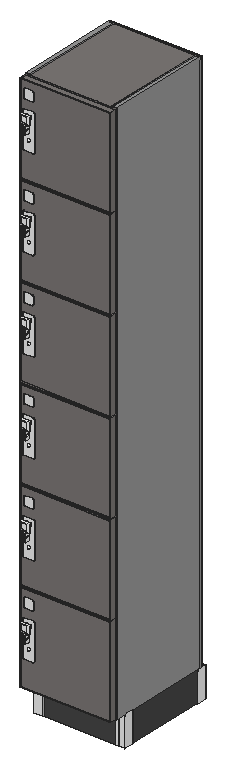
Revit family "Wood_Lockers_Hasps-Salsbury_Industries-46000_Series-1_Wide_Units.rfa", category Specialty Equipment, Revit 2016
Family settings
  Part Type = Normal
  Round Connector Dimension = Use Diameter
  OmniClass Number = 23.40.00.00
  OmniClass Title = Equipment and Furnishings
  Work Plane-Based = No
  Always vertical = Yes
  Cut with Voids When Loaded = No
  Shared = No
  Room Calculation Point = No
Parameters (values of type "46165")
  Width = 12.000"
  Version = "1.0 (01/31/24)"
  Unit Height including Sloping Hood Only [instance] = 77.743"
  Unit Height including Base Only [instance] = 76.000"
  URL = "www.lockers.com"
  Type Comments = "Premier Wood Lockers - Box Style - Six Tier - with Hasps"
  Total Doors Height [instance] = if(Unit Height = 72.000", 71.750", if(Unit Height = 60.000", 59.750", 0.000"))  # 71.750"
  Sloping Top Corner Filler - Right Side [instance] = Wood Locker Sloping Corner Fillers : None
  Sloping Top Corner Filler - Left Side [instance] = Wood Locker Sloping Corner Fillers : None
  Sloping In-Line Filler - Right Side [instance] = Wood Locker Sloping In-Line Fillers : None
  Sloping In-Line Filler - Left Side [instance] = Wood Locker Sloping In-Line Fillers : None
  Sloping Hood Height = if(Depth = 15.000", 5.743", if(Depth = 18.000", 6.868", if(Depth = 21.000", 7.993", if(Depth = 24.000", 9.118", 0.000"))))  # 5.743"
  Sloping Hood [instance] = Wood Locker Sloping Hoods : None
  Side Panel without Slope - Right Side [instance] = Wood Locker Side Panels-No Slope : None
  Side Panel without Slope - Left Side [instance] = Wood Locker Side Panels-No Slope : None
  Side Panel with Slope - Right Side [instance] = Wood Locker Side Panels-With Slope : None
  Side Panel with Slope - Left Side [instance] = Wood Locker Side Panels-With Slope : None
  Secondary Structure Materials = Particle Board Industrial Grade - Salsbury Finish - Black Melamine Overlay
  Primary Structure Materials = Particle Board Industrial Grade - Salsbury Finish - Plain
  Overall Unit Height including Base and Sloping Hood [instance] = 81.743"
  OmniClass 23 Title = "Equipment and Furnishings"
  OmniClass 23 Number = "23.40.00.00"
  Model = "46165"
  MasterFormat Title = "Lockers"
  MasterFormat Code = "10 51 23"
  Manufacturer = "Salsbury Industries"
  Laminate Surface [instance] = Industrial Grade Particleboard with Wood Laminate - Salsbury Finish - Skyline Walnut
  Interior Material = Textured Melamine - Salsbury Finish - White
  Individual Door Width [instance] = 11.875"
  Unit Height = 72.000"
  Individual Door Height = if(Unit Height = 72.000", 11.802", if(Unit Height = 60.000", 11.802", 0.000"))  # 11.802"
  Hardware = Aluminum - Salsbury Finish - Black Satin
  Front Vertical Filler - Right Side [instance] = Wood Locker Front Fillers : None
  Front Vertical Filler - Left Side [instance] = Wood Locker Front Fillers : None
  Front Corner Filler - Right Side [instance] = Wood Locker Front Corner Filler : None
  Front Corner Filler - Left Side [instance] = Wood Locker Front Corner Filler : None
  Flat Top In-Line Filler - Right Side [instance] = Wood Locker Flat In-Line Fillers : None
  Flat Top In-Line Filler - Left Side [instance] = Wood Locker Flat In-Line Fillers : None
  Flat Top Corner Filler - Right Side [instance] = Wood Locker Flat Corner Fillers : None
  Flat Top Corner Filler - Left Side [instance] = Wood Locker Flat Corner Fillers : None
  Fascia Filler [instance] = Wood Locker Fascia Fillers : None
  Double Side Panel without Slope - Right Side [instance] = Wood Locker Double Side Panels-No Slope : None
  Double Side Panel without Slope - Left Side [instance] = Wood Locker Double Side Panels-No Slope : None
  Double Side Panel with Slope - Right Side [instance] = Wood Locker Double Side Panels-With Slope : None
  Double Side Panel with Slope - Left Side [instance] = Wood Locker Double Side Panels-With Slope : None
  Door Location D1 = Premier Locker Doors_Hasp : Six Tier Door for Six Foot High Locker
  Description = "1 Wide - 6 Feet High - 15 inches Deep - with Base"
  Depth = 15.000"
  Compartment Width [instance] = 10.750"
  Compartment Height [instance] = if(Unit Height = 72.000", 11.125", if(Unit Height = 60.000", 11.100", 0.000"))  # 11.125"
  Compartment Depth [instance] = 13.750"
  Base Material = Particle Board Industrial Grade - Salsbury Finish - Black Melamine Overlay
  Base Height = 4.000"
  Base Depth [instance] = 13.250"
  Base = Wood Locker Bases : Base - 12" W x 15" D Lockers
  Assembly Code = "C1030310"
Reference planes (in)
  plane 1 "Center (Front/Back)": y = 0
  plane 2: z = 0
  plane 3 "Center (Left/Right)": x = 0
  plane 4 "Right Side of Unit": x = 6
  plane 5 "Left Side of Unit": x = -6
  plane 6 "Back of Unit": y = 7.5
  plane 7 "Front of Unit": y = -7.5
  plane 8 "Bottom of Base": z = 0
  plane 9 "Top Edge of Unit": z = 76
  plane 10 "Top of Base Edge": z = 4
  plane 11: z = 81.743
  plane 12 "Right Compartment Edge": x = 5.406
  plane 13 "Left Compartment Edge": x = -5.406
  plane 14 "Front Melamine Edge": y = -6.5
  plane 15 "Back Compartment Edge": y = 7.281
  plane 16 "Front Compartment Edge": y = -6.469
  plane 17 "Front Edge of Base": y = -5.125
  plane 18 "Bottom Edge of Door": z = 4.125
  plane 19 "Top Edge of Door": z = 75.875
  plane 20 "Bottom Compartment Edge": z = 4.75
  plane 21 "Top Compartment Edge": z = 75.25
  plane 22 "Center Top and Bottom": z = 40
  plane 23 "Left Melamine Edge": x = -5.375
  plane 24 "Right Melamine Edge": x = 5.375
  plane 25 "Back Melamine Edge": y = 7.25
  plane 26 "Left Edge of Door": x = -5.875
  plane 27: y = 8.125
  plane 28: y = -5.75
  plane 29 "Base / Ventillation Alignment": y = 8.125
  plane 30 "Compartment Shelf 5": z = 16.625
  plane 31: z = 15.875
  plane 32: z = 15.927
  plane 33: z = 16.115
  plane 34: z = 27.75
  plane 35 "Compartment Shelf 4": z = 28.5
  plane 36: z = 27.917
  plane 37: z = 28.105
  plane 38: z = 39.625
  plane 39 "Compartment Shelf 3": z = 40.375
  plane 40: z = 39.907
  plane 41: z = 40.095
  plane 42 "Compartment Shelf 2": z = 52.25
  plane 43: z = 51.5
  plane 44: z = 51.897
  plane 45: z = 52.085
  plane 46: z = 63.375
  plane 47 "Compartment Shelf 1": z = 64.125
  plane 48: z = 63.887
  plane 49: z = 64.075
Forms (in)
  Extrusion 1, solid, material "Particle Board Industrial Grade - Salsbury Finish - Plain" <- "Primary Structure Materials"
    sketch origin (6, 0, 0) x (0, -1, 0) y (0, 0, 1)
      loop
        line (6.469, 76) -> (-7.25, 76) -> (-7.25, 4) -> (6.469, 4) -> (6.469, 76)
    from 0 to 0.594
  Extrusion 2, solid, material "Particle Board Industrial Grade - Salsbury Finish - Plain" <- "Primary Structure Materials"
    sketch origin (-6, 0, 0) x (0, -1, 0) y (0, 0, 1)
      loop
        line (-7.25, 76) -> (-7.25, 4) -> (6.469, 4) -> (6.469, 76) -> (-7.25, 76)
    from 0 to -0.594
  Extrusion 3, solid, material "Textured Melamine - Salsbury Finish - White" <- "Interior Material"
    sketch origin (0, 0, 4) x (0, -1, 0) y (1, 0, 0)
      loop
        line (-7.25, -5.375) -> (6.469, -5.375) -> (6.469, 5.375) -> (-7.25, 5.375) -> (-7.25, -5.375)
    from 0 to 0.75
  Extrusion 4, solid, material "Industrial Grade Particleboard with Wood Laminate - Salsbury Finish - Skyline Walnut" <- "Laminate Surface"
    sketch origin (0.375, 0.375, 76) x (1, 0, 0) y (0, 1, 0)
      loop
        line (-5.75, -6.875) -> (5, -6.875) -> (5, 6.875) -> (-5.75, 6.875) -> (-5.75, -6.875)
    from 0 to -0.75
  Extrusion 5, solid, material "Particle Board Industrial Grade - Salsbury Finish - Plain" <- "Primary Structure Materials"
    sketch origin (0, 7.5, 0) x (1, 0, 0) y (0, 0, 1)
      loop
        line (-6, 76) -> (-6, 4) -> (6, 4) -> (6, 76) -> (-6, 76)
    from 0 to 0.219
  Extrusion 6, solid, material "Industrial Grade Particleboard with Wood Laminate - Salsbury Finish - Skyline Walnut" <- "Laminate Surface"
    sketch origin (0, -6.469, 0) x (1, 0, 0) y (0, 0, 1)
      loop
        line (-6, 76) -> (-6, 4) -> (-5.375, 4) -> (-5.375, 76) -> (-6, 76)
    from 0 to 0.031
  Extrusion 7, solid, material "Industrial Grade Particleboard with Wood Laminate - Salsbury Finish - Skyline Walnut" <- "Laminate Surface"
    sketch origin (0, -6.469, 0) x (-1, 0, 0) y (0, 0, -1)
      loop
        line (-6, -76) -> (-5.375, -76) -> (-5.375, -4) -> (-6, -4) -> (-6, -76)
    from 0 to 0.031
  Extrusion 8, solid, material "Textured Melamine - Salsbury Finish - White" <- "Interior Material"
    sketch origin (0, 7.25, 0) x (1, 0, 0) y (0, 0, 1)
      loop
        line (-6, 76) -> (-6, 4) -> (6, 4) -> (6, 76) -> (-6, 76)
    from -0.031 to 0
  Extrusion 9, solid, material "Textured Melamine - Salsbury Finish - White" <- "Interior Material"
    sketch origin (-5.406, 0, 0) x (0, -1, 0) y (0, 0, 1)
      loop
        line (-7.25, 76) -> (-7.25, 4) -> (6.469, 4) -> (6.469, 76) -> (-7.25, 76)
    from 0 to -0.031
  Extrusion 10, solid, material "Textured Melamine - Salsbury Finish - White" <- "Interior Material"
    sketch origin (5.406, 0, 0) x (0, -1, 0) y (0, 0, 1)
      loop
        line (6.469, 76) -> (-7.25, 76) -> (-7.25, 4) -> (6.469, 4) -> (6.469, 76)
    from 0 to 0.031
  Extrusion 11, solid, material "Textured Melamine - Salsbury Finish - White" <- "Interior Material", detail levels fine
    sketch origin (0, 0, 16.625) x (0, -1, 0) y (1, 0, 0)
      loop
        line (-7.25, -5.375) -> (6.469, -5.375) -> (6.469, 5.375) -> (-7.25, 5.375) -> (-7.25, -5.375)
    from 0 to -0.75
  Extrusion 12, solid, material "Textured Melamine - Salsbury Finish - White" <- "Interior Material", detail levels fine
    sketch origin (0, 0, 28.5) x (0, -1, 0) y (1, 0, 0)
      loop
        line (-7.25, -5.375) -> (6.469, -5.375) -> (6.469, 5.375) -> (-7.25, 5.375) -> (-7.25, -5.375)
    from 0 to -0.75
  Extrusion 13, solid, material "Textured Melamine - Salsbury Finish - White" <- "Interior Material", detail levels fine
    sketch origin (0, 0, 40.375) x (0, -1, 0) y (1, 0, 0)
      loop
        line (-7.25, -5.375) -> (6.469, -5.375) -> (6.469, 5.375) -> (-7.25, 5.375) -> (-7.25, -5.375)
    from 0 to -0.75
  Extrusion 14, solid, material "Textured Melamine - Salsbury Finish - White" <- "Interior Material", detail levels fine
    sketch origin (0, 0, 52.25) x (0, -1, 0) y (1, 0, 0)
      loop
        line (-7.25, -5.375) -> (6.469, -5.375) -> (6.469, 5.375) -> (-7.25, 5.375) -> (-7.25, -5.375)
    from 0 to -0.75
  Extrusion 15, solid, material "Textured Melamine - Salsbury Finish - White" <- "Interior Material", detail levels fine
    sketch origin (0, 0, 64.125) x (0, -1, 0) y (1, 0, 0)
      loop
        line (-7.25, -5.375) -> (6.469, -5.375) -> (6.469, 5.375) -> (-7.25, 5.375) -> (-7.25, -5.375)
    from 0 to -0.75
  Extrusion 16, solid, material "Industrial Grade Particleboard with Wood Laminate - Salsbury Finish - Skyline Walnut" <- "Laminate Surface"
    sketch origin (0, -6.5, 0) x (1, 0, 0) y (0, 0, 1)
      loop
        line (-5.375, 64.125) -> (-5.375, 63.375) -> (5.375, 63.375) -> (5.375, 64.125) -> (-5.375, 64.125)
    from 0 to -0.031
  Extrusion 17, solid, material "Industrial Grade Particleboard with Wood Laminate - Salsbury Finish - Skyline Walnut" <- "Laminate Surface"
    sketch origin (0, -6.5, 0) x (1, 0, 0) y (0, 0, 1)
      loop
        line (-5.375, 52.25) -> (-5.375, 51.5) -> (5.375, 51.5) -> (5.375, 52.25) -> (-5.375, 52.25)
    from 0 to -0.031
  Extrusion 18, solid, material "Industrial Grade Particleboard with Wood Laminate - Salsbury Finish - Skyline Walnut" <- "Laminate Surface"
    sketch origin (0, -6.5, 0) x (1, 0, 0) y (0, 0, 1)
      loop
        line (-5.375, 40.375) -> (-5.375, 39.625) -> (5.375, 39.625) -> (5.375, 40.375) -> (-5.375, 40.375)
    from 0 to -0.031
  Extrusion 19, solid, material "Industrial Grade Particleboard with Wood Laminate - Salsbury Finish - Skyline Walnut" <- "Laminate Surface"
    sketch origin (0, -6.5, 0) x (1, 0, 0) y (0, 0, 1)
      loop
        line (-5.375, 28.5) -> (-5.375, 27.75) -> (5.375, 27.75) -> (5.375, 28.5) -> (-5.375, 28.5)
    from 0 to -0.031
  Extrusion 20, solid, material "Industrial Grade Particleboard with Wood Laminate - Salsbury Finish - Skyline Walnut" <- "Laminate Surface"
    sketch origin (0, -6.5, 0) x (1, 0, 0) y (0, 0, 1)
      loop
        line (-5.375, 16.625) -> (-5.375, 15.875) -> (5.375, 15.875) -> (5.375, 16.625) -> (-5.375, 16.625)
    from 0 to -0.031
  Extrusion 21, solid, material "Industrial Grade Particleboard with Wood Laminate - Salsbury Finish - Skyline Walnut" <- "Laminate Surface"
    sketch origin (0, -6.5, 0) x (1, 0, 0) y (0, 0, 1)
      loop
        line (-5.375, 4.75) -> (-5.375, 4) -> (5.375, 4) -> (5.375, 4.75) -> (-5.375, 4.75)
    from 0 to -0.031
Lines and regions (in)
  symbolic lines
    curve 1: line (-6, 7.25, 76) -> (6.00006, 7.25, 76)
    curve 2: line (-6, 7.25, 0) -> (-6, 7.25, 76)
    curve 3: line (6.00006, 7.25, 76) -> (6.00006, 7.25, 0)
    curve 4: line (5.406, -6.5, 76) -> (5.406, 8.125, 76)
    curve 5: line (5.406, -6.5, 0) -> (5.406, -6.5, 76)
    curve 6: line (5.406, 8.125, 76) -> (5.406, 8.125, 0)
    curve 7: line (6.00006, 7.25, 0) -> (-6, 7.25, 0)
    curve 8: line (5.406, -5.125, 0) -> (5.406, 8.125, 0)
    curve 9: line (5.406, 8.125, 0) -> (5.406, -5.125, 0)
    curve 10: line (5.406, -6.5, 0) -> (5.406, 8.125, 0)
    curve 11: line (-6, 8.125, 0) -> (6, 8.125, 0)
    curve 12: line (-6, -6.5, 0) -> (-6, 8.125, 0)
    curve 13: line (6, -6.5, 0) -> (-6, -6.5, 0)
    curve 14: line (6, 8.125, 0) -> (6, -6.5, 0)
Dimensions and locks (in)
  equal spacing: plane 5 "Left Side of Unit", plane 3 "Center (Left/Right)", plane 4 "Right Side of Unit"
  "Width": plane 5 "Left Side of Unit" to plane 4 "Right Side of Unit"
  equal spacing: plane 7 "Front of Unit", plane 1 "Center (Front/Back)", plane 6 "Back of Unit"
  "Depth": plane 7 "Front of Unit" to plane 6 "Back of Unit"
  "Base Height": plane 10 "Top of Base Edge" to plane 8 "Bottom of Base"
  "Unit Height": plane 9 "Top Edge of Unit" to plane 10 "Top of Base Edge"
  "Sloping Hood Height": plane 11 to plane 9 "Top Edge of Unit"
  locked: plane 12 "Right Compartment Edge" to plane 4 "Right Side of Unit" at 0.594
  locked: plane 5 "Left Side of Unit" to plane 13 "Left Compartment Edge" at 0.594
  locked: plane 7 "Front of Unit" to plane 14 "Front Melamine Edge" at 1
  locked: plane 15 "Back Compartment Edge" to plane 6 "Back of Unit" at 0.219
  locked: plane 14 "Front Melamine Edge" to plane 16 "Front Compartment Edge" at 0.031
  plane 18 "Bottom Edge of Door" to plane 10 "Top of Base Edge" = 0.125"
  plane 9 "Top Edge of Unit" to plane 19 "Top Edge of Door" = 0.125"
  plane 20 "Bottom Compartment Edge" to plane 10 "Top of Base Edge" = 0.750"
  plane 9 "Top Edge of Unit" to plane 21 "Top Compartment Edge" = 0.750"
  equal spacing: plane 9 "Top Edge of Unit", plane 22 "Center Top and Bottom", plane 10 "Top of Base Edge"
  locked: plane 24 "Right Melamine Edge" to plane 12 "Right Compartment Edge" at 0.031
  locked: plane 13 "Left Compartment Edge" to plane 23 "Left Melamine Edge" at 0.031
  locked: plane 25 "Back Melamine Edge" to plane 15 "Back Compartment Edge" at 0.031
  locked: plane 5 "Left Side of Unit" to plane 26 "Left Edge of Door" at 0.125
  "Individual Door Width": plane 26 "Left Edge of Door" to plane 4 "Right Side of Unit"
  "Total Doors Height": plane 19 "Top Edge of Door" to plane 18 "Bottom Edge of Door"
  "Unit Height including Base Only": plane 9 "Top Edge of Unit" to plane 8 "Bottom of Base"
  "Unit Height including Sloping Hood Only": plane 11 to plane 10 "Top of Base Edge"
  "Overall Unit Height including Base and Sloping Hood": plane 11 to plane 8 "Bottom of Base"
  locked: plane 7 "Front of Unit" to plane 17 "Front Edge of Base" at 2.375
  locked: plane 6 "Back of Unit" to plane 27 at 0.625
  "Base Depth": plane 17 "Front Edge of Base" to plane 27
  "Compartment Width": plane 23 "Left Melamine Edge" to plane 24 "Right Melamine Edge"
  "Compartment Height": plane 31 to plane 20 "Bottom Compartment Edge"
  "Compartment Depth": plane 14 "Front Melamine Edge" to plane 25 "Back Melamine Edge"
  locked: plane 14 "Front Melamine Edge" to plane 28 at 0.75
  plane 14 "Front Melamine Edge" to plane 27 = 14.625"
  Extrusion 2 to Extrusion 9 = 13.719"
  plane 6 "Back of Unit" to plane 29 "Base / Ventillation Alignment" = 0.625"
  locked: plane 30 "Compartment Shelf 5" to plane 31 at 0.75
  locked: plane 33 to plane 32 at 0.188
  "Individual Door Height": plane 32 to plane 18 "Bottom Edge of Door"
  locked: plane 35 "Compartment Shelf 4" to plane 34 at 0.75
  locked: plane 37 to plane 36 at 0.188
  "Compartment Height": plane 34 to plane 30 "Compartment Shelf 5"
  "Individual Door Height": plane 36 to plane 33
  locked: plane 39 "Compartment Shelf 3" to plane 38 at 0.75
  locked: plane 41 to plane 40 at 0.188
  "Compartment Height": plane 38 to plane 35 "Compartment Shelf 4"
  "Individual Door Height": plane 40 to plane 37
  locked: plane 49 to plane 48 at 0.188
  locked: plane 47 "Compartment Shelf 1" to plane 46 at 0.75
  locked: plane 42 "Compartment Shelf 2" to plane 43 at 0.75
  locked: plane 45 to plane 44 at 0.188
  "Compartment Height": plane 43 to plane 39 "Compartment Shelf 3"
  "Compartment Height": plane 46 to plane 42 "Compartment Shelf 2"
  "Individual Door Height": plane 44 to plane 41
  "Individual Door Height": plane 48 to plane 45
  nested 6 to plane 20 "Bottom Compartment Edge" = 70.500"
  aligned and locked: level to plane 2
  aligned and locked: plane 15 "Back Compartment Edge" to Extrusion 5
  aligned and locked: plane 4 "Right Side of Unit" to nested 1
  aligned and locked: plane 18 "Bottom Edge of Door" to nested 1
  aligned and locked: plane 7 "Front of Unit" to nested 1
  aligned and locked: plane 9 "Top Edge of Unit" to nested 2
  aligned and locked: plane 14 "Front Melamine Edge" to nested 2
  aligned and locked: plane 5 "Left Side of Unit" to nested 3
  aligned and locked: plane 14 "Front Melamine Edge" to nested 3
  aligned and locked: plane 9 "Top Edge of Unit" to nested 3
  aligned and locked: plane 4 "Right Side of Unit" to nested 4
  aligned and locked: nested 4 to plane 9 "Top Edge of Unit"
  aligned and locked: nested 4 to plane 14 "Front Melamine Edge"
  aligned and locked: plane 9 "Top Edge of Unit" to nested 5
  aligned and locked: plane 28 to nested 5
  aligned and locked: nested 6 to plane 28
  aligned and locked: plane 5 "Left Side of Unit" to nested 6
  aligned and locked: plane 4 "Right Side of Unit" to nested 5
  aligned and locked: nested 6 to plane 9 "Top Edge of Unit"
  aligned and locked: nested 8 to plane 5 "Left Side of Unit"
  aligned and locked: nested 7 to plane 4 "Right Side of Unit"
  aligned and locked: plane 14 "Front Melamine Edge" to nested 7
  aligned and locked: nested 8 to plane 14 "Front Melamine Edge"
  aligned and locked: plane 10 "Top of Base Edge" to nested 7
  aligned and locked: nested 8 to plane 10 "Top of Base Edge"
  aligned and locked: plane 5 "Left Side of Unit" to nested 9
  aligned and locked: plane 4 "Right Side of Unit" to nested 10
  aligned and locked: nested 10 to plane 10 "Top of Base Edge"
  aligned and locked: plane 10 "Top of Base Edge" to nested 9
  aligned and locked: plane 16 "Front Compartment Edge" to nested 10
  aligned and locked: nested 9 to plane 14 "Front Melamine Edge"
  aligned and locked: plane 4 "Right Side of Unit" to nested 11
  aligned and locked: nested 11 to plane 10 "Top of Base Edge"
  aligned and locked: plane 14 "Front Melamine Edge" to nested 11
  aligned and locked: plane 14 "Front Melamine Edge" to nested 12
  aligned and locked: nested 12 to nested 4
  aligned and locked: plane 10 "Top of Base Edge" to nested 12
  aligned and locked: nested 13 to plane 5 "Left Side of Unit"
  aligned and locked: nested 13 to plane 14 "Front Melamine Edge"
  aligned and locked: nested 13 to plane 10 "Top of Base Edge"
  aligned and locked: plane 14 "Front Melamine Edge" to nested 14
  aligned and locked: nested 14 to plane 4 "Right Side of Unit"
  aligned and locked: nested 15 to plane 14 "Front Melamine Edge"
  aligned and locked: nested 15 to plane 5 "Left Side of Unit"
  aligned and locked: plane 10 "Top of Base Edge" to nested 14
  aligned and locked: nested 15 to plane 10 "Top of Base Edge"
  aligned and locked: plane 14 "Front Melamine Edge" to nested 16
  aligned and locked: plane 4 "Right Side of Unit" to nested 16
  aligned and locked: nested 17 to plane 14 "Front Melamine Edge"
  aligned and locked: plane 5 "Left Side of Unit" to nested 17
  aligned and locked: nested 16 to plane 8 "Bottom of Base"
  aligned and locked: nested 17 to plane 8 "Bottom of Base"
  aligned and locked: nested 18 to plane 5 "Left Side of Unit"
  aligned and locked: nested 19 to plane 4 "Right Side of Unit"
  aligned and locked: nested 19 to plane 14 "Front Melamine Edge"
  aligned and locked: plane 14 "Front Melamine Edge" to nested 18
  aligned and locked: plane 8 "Bottom of Base" to nested 19
  aligned and locked: nested 18 to plane 8 "Bottom of Base"
  aligned and locked: plane 17 "Front Edge of Base" to nested 20
  aligned and locked: plane 9 "Top Edge of Unit" to nested 21
  aligned and locked: plane 5 "Left Side of Unit" to nested 21
  aligned and locked: nested 22 to plane 9 "Top Edge of Unit"
  aligned and locked: plane 4 "Right Side of Unit" to nested 22
  aligned and locked: nested 22 to plane 14 "Front Melamine Edge"
  aligned and locked: nested 21 to plane 14 "Front Melamine Edge"
  aligned and locked: nested 24 to plane 9 "Top Edge of Unit"
  aligned and locked: plane 4 "Right Side of Unit" to nested 24
  aligned and locked: nested 23 to plane 9 "Top Edge of Unit"
  aligned and locked: plane 5 "Left Side of Unit" to nested 23
  aligned and locked: nested 24 to plane 28
  aligned and locked: nested 23 to plane 28
  aligned and locked: plane 14 "Front Melamine Edge" to nested 25
  aligned and locked: plane 9 "Top Edge of Unit" to nested 25
  aligned and locked: plane 8 "Bottom of Base" to nested 20
  aligned and locked: plane 3 "Center (Left/Right)" to nested 20
  aligned and locked: plane 25 "Back Melamine Edge" to Extrusion 3 sketch curve
  aligned and locked: Extrusion 3 sketch curve to plane 23 "Left Melamine Edge"
  aligned and locked: plane 24 "Right Melamine Edge" to Extrusion 3 sketch curve
  aligned and locked: Extrusion 4 to plane 9 "Top Edge of Unit"
  aligned and locked: plane 21 "Top Compartment Edge" to Extrusion 4
  aligned and locked: Extrusion 2 sketch curve to plane 9 "Top Edge of Unit"
  aligned and locked: plane 16 "Front Compartment Edge" to Extrusion 2 sketch curve
  aligned and locked: Extrusion 2 sketch curve to plane 25 "Back Melamine Edge"
  aligned and locked: plane 10 "Top of Base Edge" to Extrusion 2 sketch curve
  aligned and locked: Extrusion 2 to plane 13 "Left Compartment Edge"
  aligned and locked: plane 5 "Left Side of Unit" to Extrusion 2
  aligned and locked: plane 10 "Top of Base Edge" to Extrusion 9 sketch curve
  aligned and locked: Extrusion 9 sketch curve to plane 25 "Back Melamine Edge"
  aligned and locked: Extrusion 9 sketch curve to plane 9 "Top Edge of Unit"
  aligned and locked: Extrusion 1 sketch curve to plane 16 "Front Compartment Edge"
  aligned and locked: plane 9 "Top Edge of Unit" to Extrusion 1 sketch curve
  aligned and locked: Extrusion 1 sketch curve to plane 10 "Top of Base Edge"
  aligned and locked: plane 25 "Back Melamine Edge" to Extrusion 1 sketch curve
  aligned and locked: Extrusion 1 to plane 4 "Right Side of Unit"
  aligned and locked: plane 12 "Right Compartment Edge" to Extrusion 1
  aligned and locked: Extrusion 10 sketch curve to plane 10 "Top of Base Edge"
  aligned and locked: plane 25 "Back Melamine Edge" to Extrusion 10 sketch curve
  aligned and locked: Extrusion 10 sketch curve to plane 16 "Front Compartment Edge"
  aligned and locked: plane 9 "Top Edge of Unit" to Extrusion 10 sketch curve
  aligned and locked: Extrusion 10 to plane 12 "Right Compartment Edge"
  aligned and locked: plane 24 "Right Melamine Edge" to Extrusion 10
  aligned and locked: Extrusion 8 sketch curve to plane 10 "Top of Base Edge"
  aligned and locked: plane 4 "Right Side of Unit" to Extrusion 8 sketch curve
  aligned and locked: plane 9 "Top Edge of Unit" to Extrusion 8 sketch curve
  aligned and locked: Extrusion 8 sketch curve to plane 5 "Left Side of Unit"
  aligned and locked: Extrusion 8 to plane 15 "Back Compartment Edge"
  aligned and locked: plane 25 "Back Melamine Edge" to Extrusion 8
  aligned and locked: plane 9 "Top Edge of Unit" to Extrusion 5 sketch curve
  aligned and locked: Extrusion 5 sketch curve to plane 5 "Left Side of Unit"
  aligned and locked: Extrusion 5 sketch curve to plane 10 "Top of Base Edge"
  aligned and locked: plane 4 "Right Side of Unit" to Extrusion 5 sketch curve
  aligned and locked: Extrusion 7 sketch curve to plane 9 "Top Edge of Unit"
  aligned and locked: Extrusion 7 sketch curve to plane 4 "Right Side of Unit"
  aligned and locked: plane 24 "Right Melamine Edge" to Extrusion 7 sketch curve
  aligned and locked: plane 10 "Top of Base Edge" to Extrusion 7 sketch curve
  aligned and locked: Extrusion 7 to plane 16 "Front Compartment Edge"
  aligned and locked: plane 14 "Front Melamine Edge" to Extrusion 7
  aligned and locked: Extrusion 6 sketch curve to plane 10 "Top of Base Edge"
  aligned and locked: plane 23 "Left Melamine Edge" to Extrusion 6 sketch curve
  aligned and locked: Extrusion 6 sketch curve to plane 5 "Left Side of Unit"
  aligned and locked: plane 9 "Top Edge of Unit" to Extrusion 6 sketch curve
  aligned and locked: Extrusion 6 to plane 16 "Front Compartment Edge"
  aligned and locked: plane 14 "Front Melamine Edge" to Extrusion 6
  aligned and locked: plane 16 "Front Compartment Edge" to Extrusion 9
  aligned and locked: plane 13 "Left Compartment Edge" to Extrusion 9
  aligned and locked: nested 3 to curve 1
  aligned and locked: curve 2 to nested 17
  aligned and locked: curve 4 to nested 2
  aligned and locked: nested 16 to curve 5
  aligned and locked: curve 9 to nested 20
  aligned and locked: curve 10 to nested 16
  aligned and locked: curve 13 to plane 14 "Front Melamine Edge"
  aligned and locked: curve 12 to plane 5 "Left Side of Unit"
  aligned and locked: plane 29 "Base / Ventillation Alignment" to curve 11
  aligned and locked: plane 3 "Center (Left/Right)" to nested 2
  aligned and locked: plane 3 "Center (Left/Right)" to nested 25
  aligned and locked: plane 29 "Base / Ventillation Alignment" to curve 6
  aligned and locked: plane 25 "Back Melamine Edge" to Extrusion 11 sketch curve
  aligned and locked: Extrusion 11 sketch curve to plane 23 "Left Melamine Edge"
  aligned and locked: plane 24 "Right Melamine Edge" to Extrusion 11 sketch curve
  aligned and locked: plane 25 "Back Melamine Edge" to Extrusion 12 sketch curve
  aligned and locked: plane 24 "Right Melamine Edge" to Extrusion 12 sketch curve
  aligned and locked: Extrusion 12 sketch curve to plane 23 "Left Melamine Edge"
  aligned and locked: plane 33 to nested 26
  aligned and locked: plane 4 "Right Side of Unit" to nested 26
  aligned and locked: plane 4 "Right Side of Unit" to nested 27
  aligned and locked: plane 37 to nested 27
  aligned and locked: plane 7 "Front of Unit" to nested 27
  aligned and locked: plane 7 "Front of Unit" to nested 26
  aligned and locked: plane 25 "Back Melamine Edge" to Extrusion 13 sketch curve
  aligned and locked: plane 24 "Right Melamine Edge" to Extrusion 13 sketch curve
  aligned and locked: Extrusion 13 sketch curve to plane 23 "Left Melamine Edge"
  aligned and locked: plane 41 to nested 28
  aligned and locked: plane 4 "Right Side of Unit" to nested 28
  aligned and locked: plane 7 "Front of Unit" to nested 28
  aligned and locked: plane 25 "Back Melamine Edge" to Extrusion 14 sketch curve
  aligned and locked: plane 24 "Right Melamine Edge" to Extrusion 14 sketch curve
  aligned and locked: Extrusion 14 sketch curve to plane 23 "Left Melamine Edge"
  aligned and locked: plane 25 "Back Melamine Edge" to Extrusion 15 sketch curve
  aligned and locked: plane 24 "Right Melamine Edge" to Extrusion 15 sketch curve
  aligned and locked: Extrusion 15 sketch curve to plane 23 "Left Melamine Edge"
  aligned and locked: plane 7 "Front of Unit" to nested 30
  aligned and locked: plane 7 "Front of Unit" to nested 29
  aligned and locked: plane 45 to nested 29
  aligned and locked: plane 49 to nested 30
  aligned and locked: plane 4 "Right Side of Unit" to nested 30
  aligned and locked: plane 4 "Right Side of Unit" to nested 29
  aligned and locked: plane 14 "Front Melamine Edge" to Extrusion 4
  aligned and locked: plane 16 "Front Compartment Edge" to Extrusion 15
  aligned and locked: plane 16 "Front Compartment Edge" to Extrusion 14
  aligned and locked: plane 16 "Front Compartment Edge" to Extrusion 13
  aligned and locked: plane 16 "Front Compartment Edge" to Extrusion 12
  aligned and locked: plane 16 "Front Compartment Edge" to Extrusion 11
  aligned and locked: plane 16 "Front Compartment Edge" to Extrusion 3
  aligned and locked: Extrusion 16 sketch curve to Extrusion 15  (x4)
  aligned and locked: plane 14 "Front Melamine Edge" to Extrusion 16
  aligned and locked: Extrusion 16 to plane 16 "Front Compartment Edge"
  aligned and locked: Extrusion 17 sketch curve to Extrusion 14  (x4)
  aligned and locked: plane 14 "Front Melamine Edge" to Extrusion 17
  aligned and locked: Extrusion 17 to plane 16 "Front Compartment Edge"
  aligned and locked: Extrusion 18 sketch curve to Extrusion 13  (x4)
  aligned and locked: plane 14 "Front Melamine Edge" to Extrusion 18
  aligned and locked: Extrusion 18 to plane 16 "Front Compartment Edge"
  aligned and locked: Extrusion 19 sketch curve to Extrusion 12  (x4)
  aligned and locked: plane 14 "Front Melamine Edge" to Extrusion 19
  aligned and locked: Extrusion 19 to plane 16 "Front Compartment Edge"
  aligned and locked: Extrusion 20 sketch curve to Extrusion 11  (x4)
  aligned and locked: plane 14 "Front Melamine Edge" to Extrusion 20
  aligned and locked: Extrusion 20 to plane 16 "Front Compartment Edge"
  aligned and locked: Extrusion 21 sketch curve to Extrusion 3  (x3)
  aligned and locked: Extrusion 7 to Extrusion 21 sketch curve
  aligned and locked: plane 14 "Front Melamine Edge" to Extrusion 21
  aligned and locked: Extrusion 21 to plane 16 "Front Compartment Edge"
Automatic sketch dimensions
  Extrusion 9 sketch curve to plane 16 "Front Compartment Edge" = 0.000"
  curve 3 to level = 0.000"
  curve 3 to plane 4 "Right Side of Unit" = 0.00006"
  curve 8 to plane 17 "Front Edge of Base" = 0.000"
  curve 9 to plane 17 "Front Edge of Base" = 0.000"
  curve 13 to plane 4 "Right Side of Unit" = 0.000"
  Extrusion 4 sketch curve to plane 5 "Left Side of Unit" = 0.625"
  plane 17 "Front Edge of Base" to Extrusion 4 sketch curve = 1.375"
  plane 4 "Right Side of Unit" to Extrusion 4 sketch curve = 0.625"
  plane 25 "Back Melamine Edge" to Extrusion 4 sketch curve = 0.000"
  Extrusion 15 sketch curve to plane 14 "Front Melamine Edge" = 0.031"
  Extrusion 14 sketch curve to plane 14 "Front Melamine Edge" = 0.031"
  Extrusion 13 sketch curve to plane 14 "Front Melamine Edge" = 0.031"
  Extrusion 12 sketch curve to plane 14 "Front Melamine Edge" = 0.031"
  Extrusion 11 sketch curve to plane 14 "Front Melamine Edge" = 0.031"
  Extrusion 3 sketch curve to plane 14 "Front Melamine Edge" = 0.031"
Nested families (in)
  nested 1: "Premier Locker Doors_Hasp" at (0.0625, -7.125, 4.125), type <- "Door Location D1", type "Six Tier Door for Six Foot High Locker"
  nested 2: "Wood Locker Sloping Hoods" at (0, 0.8125, 76), type <- "Sloping Hood", type "None"
  nested 3: "Wood Locker Sloping Corner Fillers" at (-15.25, 0.5, 76), type <- "Sloping Top Corner Filler - Left Side", type "None"
  nested 4: "Wood Locker Sloping Corner Fillers" at (15.25, 0.5, 76) x (-1, 0, 0) z (0, 0, 1), type <- "Sloping Top Corner Filler - Right Side", type "None"
  nested 5: "Wood Locker Flat Corner Fillers" at (13.5, -2.125, 75.25), type <- "Flat Top Corner Filler - Right Side", type "None"
  nested 6: "Wood Locker Flat Corner Fillers" at (-13.5, -2.125, 75.25) x (-1, 0, 0) z (0, 0, 1), type <- "Flat Top Corner Filler - Left Side", type "None"
  nested 7: "Wood Locker Side Panels-No Slope" at (6.375, 0.5, 4) x (0, 1, 0) z (0, 0, 1), type <- "Side Panel without Slope - Right Side", type "None"
  nested 8: "Wood Locker Side Panels-No Slope" at (-6.375, 0.5, 4) x (0, 1, 0) z (0, 0, 1), type <- "Side Panel without Slope - Left Side", type "None"
  nested 9: "Wood Locker Side Panels-With Slope" at (-6.375, 0.5, 4) x (0, -1, 0) z (0, 0, 1), type <- "Side Panel with Slope - Left Side", type "None"
  nested 10: "Wood Locker Side Panels-With Slope" at (6.375, 0.531, 4) x (0, -1, 0) z (0, 0, 1), type <- "Side Panel with Slope - Right Side", type "None"
  nested 11: "Wood Locker Side Panels-With Slope" at (6.375, 0.5, 4) x (0, -1, 0) z (0, 0, 1), type <- "Side Panel with Slope - Right Side", type "None"
  nested 12: "Wood Locker Double Side Panels-No Slope" at (6.375, 0.5, 4) x (0, 1, 0) z (0, 0, 1), type <- "Double Side Panel without Slope - Right Side", type "None"
  nested 13: "Wood Locker Double Side Panels-No Slope" at (-6.375, 0.5, 4) x (0, 1, 0) z (0, 0, 1), type <- "Double Side Panel without Slope - Left Side", type "None"
  nested 14: "Wood Locker Double Side Panels-With Slope" at (6.375, 0.5, 4) x (0, 1, 0) z (0, 0, 1), type <- "Double Side Panel with Slope - Right Side", type "None"
  nested 15: "Wood Locker Double Side Panels-With Slope" at (-6.375, 0.5, 4) x (0, 1, 0) z (0, 0, 1), type <- "Double Side Panel with Slope - Left Side", type "None"
  nested 16: "Wood Locker Front Fillers" at (13.5, -6.125, 0), type <- "Front Vertical Filler - Right Side", type "None"
  nested 17: "Wood Locker Front Fillers" at (-13.5, -6.125, 0) x (-1, 0, 0) z (0, 0, 1), type <- "Front Vertical Filler - Left Side", type "None"
  nested 18: "Wood Locker Front Corner Filler" at (-7.125, -6.125, 0), type <- "Front Corner Filler - Left Side", type "None"
  nested 19: "Wood Locker Front Corner Filler" at (7.125, -6.125, 0) x (-1, 0, 0) z (0, 0, 1), type <- "Front Corner Filler - Right Side", type "None"
  nested 20: "Wood Locker Bases" at (0, 1.5, 0), type <- "Base", type "Base - 12" W x 15" D Lockers"
  nested 21: "Wood Locker Sloping In-Line Fillers" at (-12, 0.5, 76), type <- "Sloping In-Line Filler - Left Side", type "None"
  nested 22: "Wood Locker Sloping In-Line Fillers" at (12, 0.5, 76) x (-1, 0, 0) z (0, 0, 1), type <- "Sloping In-Line Filler - Right Side", type "None"
  nested 23: "Wood Locker Flat In-Line Fillers" at (-13.5, 0.875, 75.25), type <- "Flat Top In-Line Filler - Left Side", type "None"
  nested 24: "Wood Locker Flat In-Line Fillers" at (13.5, 0.875, 75.25) x (-1, 0, 0) z (0, 0, 1), type <- "Flat Top In-Line Filler - Right Side", type "None"
  nested 25: "Wood Locker Fascia Fillers" at (0, -6.125, 76), type <- "Fascia Filler", type "None"
  nested 26: "Premier Locker Doors_Hasp" at (0.0625, -7.125, 16.115), type <- "Door Location D1", type "Six Tier Door for Six Foot High Locker"
  nested 27: "Premier Locker Doors_Hasp" at (0.0625, -7.125, 28.105), type <- "Door Location D1", type "Six Tier Door for Six Foot High Locker"
  nested 28: "Premier Locker Doors_Hasp" at (0.0625, -7.125, 40.095), type <- "Door Location D1", type "Six Tier Door for Six Foot High Locker"
  nested 29: "Premier Locker Doors_Hasp" at (0.0625, -7.125, 52.085), type <- "Door Location D1", type "Six Tier Door for Six Foot High Locker"
  nested 30: "Premier Locker Doors_Hasp" at (0.0625, -7.125, 64.075), type <- "Door Location D1", type "Six Tier Door for Six Foot High Locker"
Definition of nested family "Premier Locker Doors_Hasp"
  Parameters (values of type "Single Tier Door for Six Foot High Locker")
    Width = 11.875"
    Visible Number Plates = yes
    Visible Center Hinge = yes
    Primary Structure Materials = none
    Number Tag-Vertical Offset = 31.625"
    Number Tag-Horizontal Offset = 10.750"
    Number Tag Width = 1.250"
    Number Tag Height = 1.250"
    Model = "Premier Locker Doors"
    Manufacturer = "Salsbury Industries"
    Lock Width = 1.500"
    Lock Height = 4.875"
    Laminate Surface = none
    Height = 71.750"
    Lock Vertical Offset = 35.875"
    Lock Horizontal Offset = 0.375"
    Door Trim = none
    Door Hasps = none
    Depth = 0.750"
    Default Elevation = 48.000"
  Types (8): name | Visible Center Hinge | Number Tag-Vertical Offset | Height | Lock Vertical Offset
    Single Tier Door for Six Foot High Locker | yes | 31.625" | 71.750" | 35.875"
    Double Tier Door-1 for Six Foot High Locker | no | 27.641" | 35.781" | 31.891"
    Double Tier Door-2 for Six Foot High Locker | yes | 2.078" | 35.781" | 6.328"
    Triple Tier Door-1 for Six Foot High Locker | no | 15.651" | 23.791" | 19.901"
    Triple Tier Door-2 for Six Foot High Locker | no | 7.646" | 23.791" | 11.896"
    Triple Tier Door-3 for Six Foot High Locker | no | 2.078" | 23.791" | 6.328"
    Four Tier Door for Six Foot High Locker | no | 4.647" | 17.796" | 8.897"
    Six Tier Door for Six Foot High Locker | no | 1.650" | 11.801" | 5.900"
  Reference planes (in)
    plane 1 "Center (Front/Back)": y = 0
    plane 2: z = 0
    plane 3 "Center (Left/Right)": x = 0
    plane 4 "Left Side of Door": x = -5.9375
    plane 5 "Right Side of Door": x = 5.9375
    plane 6 "Back of Door": y = 0.375
    plane 7 "Front of Door": y = -0.375
    plane 8 "Bottom of Door": z = 0
    plane 9 "Top of Door": z = 71.75
    plane 10 "Center of Door": z = 35.875
    plane 11 "Top of Number Tag": z = 40.75
    plane 12 "Bottom of Number Tag": z = 39.5
    plane 13 "Left Side of Number Tag": x = -5.4375
    plane 14 "Right Side of Number Tag": x = -4.1875
    plane 15 "Horizontal Center of Number Tag": x = -4.8125
    plane 16 "Center of Number Tag": z = 40.125
    plane 17 "Left Side of Lock": x = -5.5625
    plane 18 "Right Side of Lock": x = -4.0625
    plane 19 "Lock Vertical Center": z = 35.875
    plane 20 "Top of Lock": z = 38.3125
    plane 21 "Bottom of Lock": z = 33.4375
    plane 22 "Front of Hasp Stud": y = -0.5
    plane 23 "Left Side of Door-Right Side of Trim": x = -5.8125
    plane 24 "Right Side of Door-Left Side of Trim": x = 5.8125
    plane 25 "Top of Door-Bottom of Trim": z = 71.625
    plane 26 "Bottom of Door-Top of Trim": z = 0.125
    plane 27 "Laminate-Particleboard Line": y = -0.344
    plane 28 "Melamine-Particleboard Line": y = 0.344
    plane 29 "Back of Number Plate Inset": y = -0.313
    plane 30 "Center of Lock": x = -4.8125
    plane 31: y = -0.188
    plane 32 "Door Stopper Plane": y = 0.625
    plane 33: x = -5.4875
    plane 34: z = 71.3
    plane 35 "Top Hinge": z = 68.75
    plane 36: x = 5.3125
    plane 37 "Bottom Hinge": z = 3
    plane 38 "Inner Knob": y = -1.094
    plane 39 "Front of Knob": y = -1.125
    plane 40: z = 37.1875
    plane 41: z = 34.5625
    plane 42: z = 38.1875
    plane 43: x = -4.1875
    plane 44: x = -5.4375
    plane 45: z = 36.9375
    plane 46 "Top of Hole": z = 36.8125
    plane 47: x = -4.6245
    plane 48: x = -5.0005
    plane 49 "Bottom of Hole": z = 35.5625
    plane 50 "Stud Alignment": z = 34.8125
    plane 51 "Center of Handle": z = 37.5625
    plane 52: z = 37.7505
    plane 53: z = 37.3745
    plane 54: z = 37.96546
    plane 55: z = 37.15954
    plane 56 "Front of Latch": y = -1
    plane 57: z = 36.6844
    plane 58: z = 35.6844
    plane 59: z = 36.1844
    plane 60: x = 5.3435
    plane 61: z = 36.6245
    plane 62: z = 35.74816
  Forms (in)
    Extrusion 1, solid, detail levels fine
      sketch origin (0, 0, 0) x (1, 0, 0) y (0, 0, 1)
        loop
          line (-5.9065, 0.031) -> (5.9065, 0.031) -> (5.9065, 71.719) -> (-5.9065, 71.719) -> (-5.9065, 0.031)
      from -0.344 to 0.344
    Extrusion 2, solid, material <- "Laminate Surface", detail levels fine
      sketch origin (0, 0.375, 0) x (1, 0, 0) y (0, 0, 1)
        loop
          line (-5.9065, 0.031) -> (5.9065, 0.031) -> (5.9065, 71.719) -> (-5.9065, 71.719) -> (-5.9065, 0.031)
      from 0.031 to 0
    Extrusion 3, solid, material <- "Laminate Surface"
      sketch origin (0, -0.375, 0) x (1, 0, 0) y (0, 0, 1)
        loop
          line (-5.9065, 0.031) -> (5.9065, 0.031) -> (5.9065, 71.719) -> (-5.9065, 71.719) -> (-5.9065, 0.031)
      from 0 to -0.031
    Sweep 4, solid, material <- "Door Trim"
      path origin (0, 0, 0) x (1, 0, 0) y (0, 0, 1)
        loop
          line (5.8125, 71.625) -> (-5.8125, 71.625) -> (-5.8125, 0.125) -> (5.8125, 0.125) -> (5.8125, 71.625)
      profile origin (0, 0, 71.625) x (0, 0, -1) y (0, -1, 0)
        loop
          line (-0.125, 0.375) -> (-0.125, -0.375) -> (-0.094, -0.375) -> (-0.094, 0.375) -> (-0.125, 0.375)
    Extrusion 5, void
      sketch origin (-1.875, -0.313, 0) x (1, 0, 0) y (0, 0, 1)
        loop
          arc (-3.41334, 40.75) -> (-3.51881, 40.70631) -> (-3.5625, 40.60084) r 0.14916
          line (-3.5625, 40.60084) -> (-3.5625, 39.64916)
          arc (-3.5625, 39.64916) -> (-3.51881, 39.54369) -> (-3.41334, 39.5) r 0.14916
          line (-3.41334, 39.5) -> (-2.46166, 39.5)
          arc (-2.46166, 39.5) -> (-2.35619, 39.54369) -> (-2.3125, 39.64916) r 0.14916
          line (-2.3125, 39.64916) -> (-2.3125, 40.60084)
          arc (-2.3125, 40.60084) -> (-2.35619, 40.70631) -> (-2.46166, 40.75) r 0.14916
          line (-2.46166, 40.75) -> (-3.41334, 40.75)
      from 0 to 0.062
    Extrusion 6, solid, visible <- "Visible Number Plates", detail levels medium+fine
      sketch origin (-1.875, -0.375, 0) x (1, 0, 0) y (0, 0, 1)
        loop
          arc (-3.41334, 40.75) -> (-3.51881, 40.70631) -> (-3.5625, 40.60084) r 0.14916
          line (-3.5625, 40.60084) -> (-3.5625, 39.64916)
          arc (-3.5625, 39.64916) -> (-3.51881, 39.54369) -> (-3.41334, 39.5) r 0.14916
          line (-3.41334, 39.5) -> (-2.46166, 39.5)
          arc (-2.46166, 39.5) -> (-2.35619, 39.54369) -> (-2.3125, 39.64916) r 0.14916
          line (-2.3125, 39.64916) -> (-2.3125, 40.60084)
          arc (-2.3125, 40.60084) -> (-2.35619, 40.70631) -> (-2.46166, 40.75) r 0.14916
          line (-2.46166, 40.75) -> (-3.41334, 40.75)
      from -0.062 to 0
    Extrusion 7, solid, detail levels medium+fine
      sketch origin (0, 0.375, 0) x (1, 0, 0) y (0, 0, 1)
        loop
          circle (-5.4875, 71.3) r 0.25
      from 0 to -0.25
    Extrusion 8, solid, detail levels medium+fine
      sketch origin (0, 0.375, 0) x (1, 0, 0) y (0, 0, 1)
        loop
          line (5.3125, 68.5) -> (5.3125, 69) -> (4.8125, 69) -> (4.8125, 68.5) -> (5.3125, 68.5)
      from 0 to -0.25
    Extrusion 9, solid, detail levels medium+fine
      sketch origin (0, 0.375, -0.25) x (1, 0, 0) y (0, 0, 1)
        loop
          line (5.3125, 3) -> (5.3125, 3.5) -> (4.8125, 3.5) -> (4.8125, 3) -> (5.3125, 3)
      from 0 to -0.25
    Extrusion 10, solid, visible <- "Visible Center Hinge", detail levels medium+fine
      sketch origin (0, 0.375, -0.25) x (1, 0, 0) y (0, 0, 1)
        loop
          line (5.3125, 35.875) -> (5.3125, 36.375) -> (4.8125, 36.375) -> (4.8125, 35.875) -> (5.3125, 35.875)
      from 0 to -0.25
    Extrusion 11, void
      sketch origin (-1.875, -0.375, 0) x (1, 0, 0) y (0, 0, 1)
        loop
          arc (-3.5625, 38.3125) -> (-3.65089, 38.27589) -> (-3.6875, 38.1875) r 0.125
          line (-3.6875, 38.1875) -> (-3.6875, 33.5625)
          arc (-3.6875, 33.5625) -> (-3.65089, 33.47411) -> (-3.5625, 33.4375) r 0.125
          line (-3.5625, 33.4375) -> (-2.3125, 33.4375)
          arc (-2.3125, 33.4375) -> (-2.22411, 33.47411) -> (-2.1875, 33.5625) r 0.125
          line (-2.1875, 33.5625) -> (-2.1875, 38.1875)
          arc (-2.1875, 38.1875) -> (-2.22411, 38.27589) -> (-2.3125, 38.3125) r 0.125
          line (-2.3125, 38.3125) -> (-3.5625, 38.3125)
      from -0.062 to 0
    Extrusion 12, solid
      sketch origin (-1.875, -0.375, 0) x (1, 0, 0) y (0, 0, 1)
        loop
          line (-2.3125, 38.3125) -> (-3.5625, 38.3125)
          arc (-3.5625, 38.3125) -> (-3.65089, 38.27589) -> (-3.6875, 38.1875) r 0.125
          line (-3.6875, 38.1875) -> (-3.6875, 33.5625)
          arc (-3.6875, 33.5625) -> (-3.65089, 33.47411) -> (-3.5625, 33.4375) r 0.125
          line (-3.5625, 33.4375) -> (-2.3125, 33.4375)
          arc (-2.3125, 33.4375) -> (-2.22411, 33.47411) -> (-2.1875, 33.5625) r 0.125
          line (-2.1875, 33.5625) -> (-2.1875, 38.1875)
          arc (-2.1875, 38.1875) -> (-2.22411, 38.27589) -> (-2.3125, 38.3125) r 0.125
      from 0 to -0.062
    Extrusion 13, void
      sketch origin (-1.875, -0.375, 0) x (1, 0, 0) y (0, 0, 1)
        loop
          line (-3.1255, 36.6245) -> (-3.1255, 35.74816)
          arc (-3.1255, 35.74816) -> (-2.9375, 35.56016) -> (-2.7495, 35.74816) r 0.188
          line (-2.7495, 35.74816) -> (-2.7495, 36.6245)
          arc (-2.7495, 36.6245) -> (-2.9375, 36.8125) -> (-3.1255, 36.6245) r 0.188
      from 0 to -0.75
    Sweep 14, solid, detail levels medium+fine
      path origin (-1.875, -0.375, 0) x (1, 0, 0) y (0, 0, 1)
        loop
          circle (-2.9375, 34.8125) r 0.01
      profile origin (-4.8125, -0.375, 34.8225) x (0, 0, -1) y (0, -1, 0)
        loop
          line (0, 0) -> (0, 0.125)
          arc (0, 0.125) -> (-0.10032, 0.09036) -> (-0.156, 0) r 0.15776
          line (-0.156, 0) -> (0, 0)
    Extrusion 15, solid, detail levels medium+fine
      sketch origin (-1.875, -0.375, 0) x (1, 0, 0) y (0, 0, 1)
        loop
          circle (-2.9375, 34.8125) r 0.01
      from 0 to 0.125
    Sweep 16, solid
      path origin (-1.875, -0.375, 0) x (1, 0, 0) y (0, 0, 1)
        loop
          line (-3.5625, 38.1875) -> (-3.5625, 36.9375) -> (-2.3125, 36.9375) -> (-2.3125, 38.1875) -> (-3.5625, 38.1875)
      profile origin (-4.8125, -0.375, 38.1875) x (0, 0, 1) y (0, -1, 0)
        loop
          line (-0.38067, 0) -> (-0.38067, 0.24142)
          arc (-0.38067, 0.24142) -> (-0.34525, 0.34191) -> (-0.25465, 0.39797) r 0.16024
          arc (-0.25465, 0.39797) -> (-0.10494, 0.46941) -> (0, 0.59789) r 0.37946
          spline (0, 0.59789) -> (-0.00179, 0.61485) -> (-0.00715, 0.6316) -> (-0.01601, 0.64793) -> (-0.02825, 0.66364) -> (-0.04373, 0.67852) -> (-0.06225, 0.6924) -> (-0.08358, 0.7051) -> (-0.10745, 0.71647) -> (-0.13357, 0.72635) -> (-0.16161, 0.73463) -> (-0.19123, 0.74121) -> (-0.22204, 0.746)
          arc (-0.22204, 0.746) -> (-0.31051, 0.60028) -> (-0.42829, 0.47704) r 0.78682
          arc (-0.42829, 0.47704) -> (-0.50625, 0.37521) -> (-0.53396, 0.25) r 0.29673
          line (-0.53396, 0.25) -> (-0.53396, 0) -> (-0.38067, 0)
    Blend 17, solid
      base sketch origin (-1.875, -1.125, 0) x (0, 0, -1) y (-1, 0, 0)
        loop
          line (-37.96546, 3.34046) -> (-37.96546, 2.53454) -> (-37.15954, 2.53454) -> (-37.15954, 3.34046) -> (-37.96546, 3.34046)
      top sketch origin (-1.875, -1.125, 0) x (0, 0, -1) y (-1, 0, 0)
        loop
          line (-37.93279, 3.30777) -> (-37.93279, 2.56715) -> (-37.19211, 2.56715) -> (-37.19211, 3.30777) -> (-37.93279, 3.30777)
      from 0 to 0.031
    Extrusion 18, solid
      sketch origin (-4.8125, 0, 0) x (0, 0, -1) y (0, -1, 0)
        loop
          line (-35.6844, 1) -> (-36.6844, 1) -> (-36.6844, -0.375) -> (-35.6844, -0.375) -> (-35.6844, 1)
      from -0.063 to 0.063
    Extrusion 19, void
      sketch origin (-4.8125, 35.51803, 36.85077) x (0, 1, 0) y (0, 0, -1)
        loop
          circle (-36.1844, 0.66637) r 0.25
      from -0.063 to 0.063
  Cuts and joins
    Extrusion 5, Extrusion 13 cuts Extrusion 1
    Extrusion 5, Extrusion 11 cuts Extrusion 3
    Extrusion 13 cuts Extrusion 12
    Extrusion 13 cuts Extrusion 2
    Extrusion 19 cuts Extrusion 18
  Lines and regions (in)
    symbolic lines
      curve 1: line (-5.9375, 0.375, 0) -> (5.9375, 0.375, 0)
      curve 2: line (5.9375, 0.375, 0) -> (5.9375, 0.375, 71.75)
      curve 3: line (5.9375, 0.375, 71.75) -> (-5.9375, 0.375, 71.75)
      curve 4: line (-5.9375, 0.375, 71.75) -> (-5.9375, 0.375, 0)
      curve 5: line (-5.9375, 0.375, 71.625) -> (5.9375, 0.375, 71.625)
      curve 6: line (-5.9375, -0.375, 71.625) -> (-5.9375, 0.375, 71.625)
      curve 7: line (5.9375, -0.375, 71.625) -> (-5.9375, -0.375, 71.625)
      curve 8: line (5.9375, 0.375, 71.625) -> (5.9375, -0.375, 71.625)
      curve 9: line (5.3125, 0.375, 71.625) -> (5.3125, 0.625, 71.625)
      curve 10: line (5.3125, 0.625, 71.625) -> (4.8125, 0.625, 71.625)
      curve 11: line (4.8125, 0.625, 71.625) -> (4.8125, 0.375, 71.625)
      curve 12: line (-5.73713, 0.375, 71.625) -> (-5.73713, 0.625, 71.625)
      curve 13: line (-5.2375, 0.375, 71.625) -> (-5.2375, 0.625, 71.625)
      curve 14: line (-5.2375, 0.625, 71.625) -> (-5.73713, 0.625, 71.625)
      curve 15: line (-4.8125, -0.375, 71.75) -> (-4.8125, 0.375, 71.75)
      curve 16: line (-4.8125, -0.375, 0) -> (-4.8125, -0.375, 71.75)
      curve 17: line (-4.8125, 0.375, 0) -> (-4.8125, -0.375, 0)
      curve 18: line (-4.8125, 0.375, 71.75) -> (-4.8125, 0.375, 0)
      curve 19: line (-4.8125, 0.375, 69) -> (-4.8125, 0.625, 69)
      curve 20: line (-4.8125, 0.625, 69) -> (-4.8125, 0.625, 68.5)
      curve 21: line (-4.8125, 0.625, 68.5) -> (-4.8125, 0.375, 68.5)
      curve 22: line (-4.8125, 0.375, 3.25) -> (-4.8125, 0.625, 3.25)
      curve 23: line (-4.8125, 0.625, 3.25) -> (-4.8125, 0.625, 2.75)
      curve 24: line (-4.8125, 0.625, 2.75) -> (-4.8125, 0.375, 2.75)
      curve 25: line (-4.8125, 0.375, 36.125) -> (-4.8125, 0.625, 36.125)
      curve 26: line (-4.8125, 0.625, 36.125) -> (-4.8125, 0.625, 35.625)
      curve 27: line (-4.8125, 0.625, 35.625) -> (-4.8125, 0.375, 35.625)
      curve 28: line (-5.5625, -0.375, 71.625) -> (-4.0625, -0.375, 71.625)
      curve 29: line (-5.4375, -1.125, 38.3125) -> (-4.1875, -1.125, 38.3125)
      curve 30: arc (-4.0625, -1.125, 38.1875) -> (-4.09911, -1.125, 38.27589) -> (-4.1875, -1.125, 38.3125) r 0.125
      curve 31: arc (-5.4375, -1.125, 38.3125) -> (-5.52589, -1.125, 38.27589) -> (-5.5625, -1.125, 38.1875) r 0.125
      curve 32: line (-5.5625, -1.125, 33.5625) -> (-5.5625, -1.125, 38.1875)
      curve 33: line (-4.0625, -1.125, 38.1875) -> (-4.0625, -1.125, 33.5625)
      curve 34: arc (-4.1875, -1.125, 33.4375) -> (-4.09911, -1.125, 33.47411) -> (-4.0625, -1.125, 33.5625) r 0.125
      curve 35: arc (-5.5625, -1.125, 33.5625) -> (-5.52589, -1.125, 33.47411) -> (-5.4375, -1.125, 33.4375) r 0.125
      curve 36: line (-4.1875, -1.125, 33.4375) -> (-5.4375, -1.125, 33.4375)
      curve 37: arc (-4.6245, -1.125, 36.6245) -> (-4.8125, -1.125, 36.8125) -> (-5.0005, -1.125, 36.6245) r 0.188
      curve 38: arc (-5.0005, -1.125, 35.7505) -> (-4.8125, -1.125, 35.5625) -> (-4.6245, -1.125, 35.7505) r 0.188
      curve 39: line (-4.6245, -1.125, 36.6245) -> (-4.6245, -1.125, 35.7505)
      curve 40: line (-5.0005, -1.125, 35.7505) -> (-5.0005, -1.125, 36.6245)
      curve 41: line (-4.1875, -1.125, 36.9375) -> (-5.4375, -1.125, 36.9375)
      curve 42: line (-4.1875, -1.125, 38.1875) -> (-4.1875, -1.125, 36.9375)
      curve 43: line (-5.4375, -1.125, 36.9375) -> (-5.4375, -1.125, 38.1875)
      curve 44: line (-5.4375, -1.125, 38.1875) -> (-4.1875, -1.125, 38.1875)
      curve 45: line (-4.8755, -1.125, 36.6844) -> (-4.7495, -1.125, 36.6844)
      curve 46: line (-4.7495, -1.125, 36.6844) -> (-4.7495, -1.125, 35.6844)
      curve 47: line (-4.8755, -1.125, 35.6844) -> (-4.8755, -1.125, 36.6844)
      curve 48: line (-4.7495, -1.125, 35.6844) -> (-4.8755, -1.125, 35.6844)
      curve 49: line (-4.8125, -1, 36.6844) -> (-4.8125, -0.375, 36.6844)
      curve 50: line (-4.8125, -1, 35.6844) -> (-4.8125, -1, 36.6844)
      curve 51: line (-4.8125, -0.375, 35.6844) -> (-4.8125, -1, 35.6844)
      curve 52: arc (-4.8125, -0.91637, 36.1844) -> (-4.8125, -0.66637, 36.4344) -> (-4.8125, -0.41637, 36.1844) r 0.25
      curve 53: arc (-4.8125, -0.41637, 36.1844) -> (-4.8125, -0.66637, 35.9344) -> (-4.8125, -0.91637, 36.1844) r 0.25
      curve 54: line (-4.8125, -0.375, 37.31817) -> (-4.8125, -0.61642, 37.31817)
      curve 55: arc (-4.8125, -0.77297, 37.19215) -> (-4.8125, -0.71691, 37.28275) -> (-4.8125, -0.61642, 37.31817) r 0.16024
      curve 56: arc (-4.8125, -0.97289, 36.9375) -> (-4.8125, -0.84441, 37.04244) -> (-4.8125, -0.77297, 37.19215) r 0.37946
      curve 57: spline (-4.8125, -1.121, 37.15954) -> (-4.8125, -1.11621, 37.12873) -> (-4.8125, -1.10963, 37.09911) -> (-4.8125, -1.10135, 37.07107) -> (-4.8125, -1.09147, 37.04495) -> (-4.8125, -1.0801, 37.02108) -> (-4.8125, -1.0674, 36.99975) -> (-4.8125, -1.05352, 36.98123) -> (-4.8125, -1.03864, 36.96575) -> (-4.8125, -1.02293, 36.95351) -> (-4.8125, -1.0066, 36.94465) -> (-4.8125, -0.98985, 36.93929) -> (-4.8125, -0.97289, 36.9375)
      curve 58: line (-4.8125, -1.125, 37.15954) -> (-4.8125, -1.125, 37.96546)
      curve 59: spline (-4.8125, -1.121, 37.96546) -> (-4.8125, -1.11621, 37.99627) -> (-4.8125, -1.10963, 38.02589) -> (-4.8125, -1.10135, 38.05393) -> (-4.8125, -1.09147, 38.08005) -> (-4.8125, -1.0801, 38.10392) -> (-4.8125, -1.0674, 38.12525) -> (-4.8125, -1.05352, 38.14377) -> (-4.8125, -1.03864, 38.15925) -> (-4.8125, -1.02293, 38.17149) -> (-4.8125, -1.0066, 38.18035) -> (-4.8125, -0.98985, 38.18571) -> (-4.8125, -0.97289, 38.1875)
      curve 60: arc (-4.8125, -0.97289, 38.1875) -> (-4.8125, -0.84441, 38.08256) -> (-4.8125, -0.77297, 37.93285) r 0.37946
      curve 61: arc (-4.8125, -0.77297, 37.93285) -> (-4.8125, -0.71691, 37.84225) -> (-4.8125, -0.61642, 37.80683) r 0.16024
      curve 62: line (-4.8125, -0.61642, 37.80683) -> (-4.8125, -0.375, 37.80683)
      curve 63: line (-5.05683, -0.61642, 71.625) -> (-5.05683, -0.375, 71.625)
      curve 64: arc (-5.18285, -0.77297, 71.625) -> (-5.09225, -0.71691, 71.625) -> (-5.05683, -0.61642, 71.625) r 0.16024
      curve 65: arc (-5.4375, -0.97289, 71.625) -> (-5.33256, -0.84441, 71.625) -> (-5.18285, -0.77297, 71.625) r 0.37946
      curve 66: line (-4.40954, -1.125, 71.625) -> (-5.21546, -1.125, 71.625)
      curve 67: spline (-4.40954, -1.121, 71.625) -> (-4.37873, -1.11621, 71.625) -> (-4.34911, -1.10963, 71.625) -> (-4.32107, -1.10135, 71.625) -> (-4.29495, -1.09147, 71.625) -> (-4.27108, -1.0801, 71.625) -> (-4.24975, -1.0674, 71.625) -> (-4.23123, -1.05352, 71.625) -> (-4.21575, -1.03864, 71.625) -> (-4.20351, -1.02293, 71.625) -> (-4.19465, -1.0066, 71.625) -> (-4.18929, -0.98985, 71.625) -> (-4.1875, -0.97289, 71.625)
      curve 68: arc (-4.1875, -0.97289, 71.625) -> (-4.29244, -0.84441, 71.625) -> (-4.44215, -0.77297, 71.625) r 0.37946
      curve 69: arc (-4.44215, -0.77297, 71.625) -> (-4.53275, -0.71691, 71.625) -> (-4.56817, -0.61642, 71.625) r 0.16024
      curve 70: line (-4.56817, -0.375, 71.625) -> (-4.56817, -0.61642, 71.625)
      curve 71: spline (-5.21546, -1.121, 71.625) -> (-5.24627, -1.11621, 71.625) -> (-5.27589, -1.10963, 71.625) -> (-5.30393, -1.10135, 71.625) -> (-5.33005, -1.09147, 71.625) -> (-5.35392, -1.0801, 71.625) -> (-5.37525, -1.0674, 71.625) -> (-5.39377, -1.05352, 71.625) -> (-5.40925, -1.03864, 71.625) -> (-5.42149, -1.02293, 71.625) -> (-5.43035, -1.0066, 71.625) -> (-5.43571, -0.98985, 71.625) -> (-5.4375, -0.97289, 71.625)
    reference lines
      curve 72: line (-5.9375, 0, 71.75) -> (5.3435, 0, 71.75)
      curve 73: line (5.3435, 0, 71.75) -> (-5.9375, 0, 71.75)
  Dimensions and locks (in)
    equal spacing: plane 4 "Left Side of Door", plane 3 "Center (Left/Right)", plane 5 "Right Side of Door"
    "Width": plane 4 "Left Side of Door" to plane 5 "Right Side of Door"
    equal spacing: plane 7 "Front of Door", plane 1 "Center (Front/Back)", plane 6 "Back of Door"
    "Depth": plane 7 "Front of Door" to plane 6 "Back of Door"
    equal spacing: plane 9 "Top of Door", plane 10 "Center of Door", plane 8 "Bottom of Door"
    "Height": plane 9 "Top of Door" to plane 8 "Bottom of Door"
    equal spacing: plane 11 "Top of Number Tag", plane 16 "Center of Number Tag", plane 12 "Bottom of Number Tag"
    "Number Tag Height": plane 11 "Top of Number Tag" to plane 12 "Bottom of Number Tag"
    equal spacing: plane 14 "Right Side of Number Tag", plane 15 "Horizontal Center of Number Tag", plane 13 "Left Side of Number Tag"
    "Number Tag Width": plane 14 "Right Side of Number Tag" to plane 13 "Left Side of Number Tag"
    "Number Tag-Horizontal Offset": plane 15 "Horizontal Center of Number Tag" to plane 5 "Right Side of Door"
    "Number Tag-Vertical Offset": plane 9 "Top of Door" to plane 16 "Center of Number Tag"
    "Lock Horizontal Offset": plane 4 "Left Side of Door" to plane 17 "Left Side of Lock"
    equal spacing: plane 20 "Top of Lock", plane 19 "Lock Vertical Center", plane 21 "Bottom of Lock"
    "Lock Height": plane 20 "Top of Lock" to plane 21 "Bottom of Lock"
    "Lock Vertical Offset": plane 9 "Top of Door" to plane 19 "Lock Vertical Center"
    plane 22 "Front of Hasp Stud" to plane 7 "Front of Door" = 0.125"
    locked: plane 24 "Right Side of Door-Left Side of Trim" to plane 5 "Right Side of Door" at 0.125
    locked: plane 4 "Left Side of Door" to plane 23 "Left Side of Door-Right Side of Trim" at 0.125
    locked: plane 9 "Top of Door" to plane 25 "Top of Door-Bottom of Trim" at 0.125
    plane 26 "Bottom of Door-Top of Trim" to plane 8 "Bottom of Door" = 0.125"
    plane 28 "Melamine-Particleboard Line" to plane 6 "Back of Door" = 0.031"
    plane 7 "Front of Door" to plane 27 "Laminate-Particleboard Line" = 0.031"
    plane 27 "Laminate-Particleboard Line" to plane 29 "Back of Number Plate Inset" = 0.031"
    equal spacing: plane 18 "Right Side of Lock", plane 30 "Center of Lock", plane 17 "Left Side of Lock", locked at 0.75 each
    "Lock Width": plane 18 "Right Side of Lock" to plane 17 "Left Side of Lock"
    plane 22 "Front of Hasp Stud" to plane 31 = 0.312"
    plane 6 "Back of Door" to plane 32 "Door Stopper Plane" = 0.250"
    locked: plane 23 "Left Side of Door-Right Side of Trim" to plane 33 at 0.325
    locked: plane 25 "Top of Door-Bottom of Trim" to plane 34 at 0.325
    locked: plane 9 "Top of Door" to plane 35 "Top Hinge" at 3
    plane 36 to plane 5 "Right Side of Door" = 0.625"
    plane 6 "Back of Door" to plane 28 "Melamine-Particleboard Line" = 0.031"
    plane 9 "Top of Door" to plane 25 "Top of Door-Bottom of Trim" = 0.125"
    plane 7 "Front of Door" to plane 38 "Inner Knob" = 0.719"
